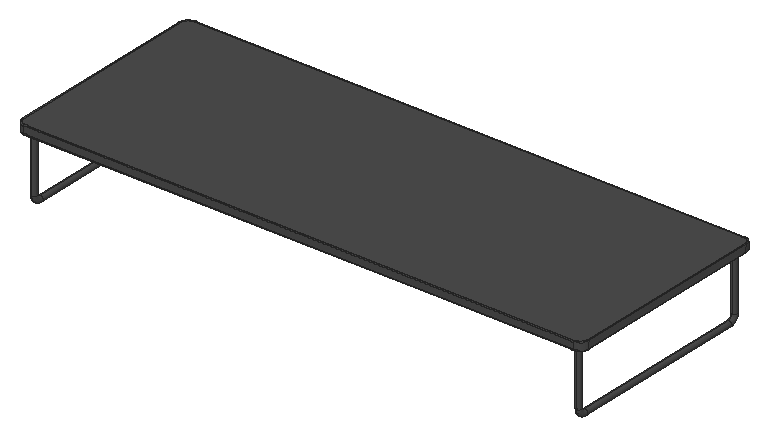
Revit family "Akt Table Triple", category Generic Models, Revit 2018
Family settings
  Can host rebar = No
  Round Connector Dimension = Use Diameter
  Part Type = Normal
  Work Plane-Based = No
  Always vertical = Yes
  Cut with Voids When Loaded = No
  Shared = No
  Room Calculation Point = No
Reference planes (in)
  plane 1 "Center (Front/Back)": y = 0
  plane 2: z = 0
  plane 3 "Center (Left/Right)": x = 0
Forms (in)
  Extrusion 1, solid, material "Akt Frame Black"
    sketch origin (-12.25, 0, 0) x (1, 0, 0) y (0, 1, 0)
      loop
        arc (-22.5, 13.75) -> (-22.71967, 14.28033) -> (-23.25, 14.5) r 0.75
        line (-23.25, 14.5) -> (-25.75, 14.5)
        arc (-25.75, 14.5) -> (-26.28033, 14.28033) -> (-26.5, 13.75) r 0.75
        line (-26.5, 13.75) -> (-26.5, -13.75)
        arc (-26.5, -13.75) -> (-26.28033, -14.28033) -> (-25.75, -14.5) r 0.75
        line (-25.75, -14.5) -> (-23.25, -14.5)
        arc (-23.25, -14.5) -> (-22.71967, -14.28033) -> (-22.5, -13.75) r 0.75
        line (-22.5, -13.75) -> (-22.5, 13.75)
    from 9.05316 to 9.17127
  Sweep 2, solid, material "Akt Frame Black"
    path origin (0, 0, 0) x (0, 1, 0) y (0, 0, 1)
      loop
        line (13.12534, 9.05316) -> (13.12534, 1.3759)
        arc (13.12534, 1.3759) -> (12.94201, 0.93332) -> (12.49944, 0.75) r 0.6259
        line (12.49944, 0.75) -> (-12.49944, 0.75)
        arc (-12.49944, 0.75) -> (-12.94201, 0.93332) -> (-13.12534, 1.3759) r 0.6259
        line (-13.12534, 1.3759) -> (-13.12534, 9.05316)
    profile origin (0, 13.12534, 5.21453) x (1, 0, 0) y (0, 1, 0)
      loop
        circle (-37.75, 0.375) r 0.375
  Extrusion 3, solid, material "Akt Frame Black"
    sketch origin (12.25, 0, 0) x (-1, 0, 0) y (0, -1, 0)
      loop
        line (-22.5, -13.75) -> (-22.5, 13.75)
        arc (-22.5, 13.75) -> (-22.71967, 14.28033) -> (-23.25, 14.5) r 0.75
        line (-23.25, 14.5) -> (-25.75, 14.5)
        arc (-25.75, 14.5) -> (-26.28033, 14.28033) -> (-26.5, 13.75) r 0.75
        line (-26.5, 13.75) -> (-26.5, -13.75)
        arc (-26.5, -13.75) -> (-26.28033, -14.28033) -> (-25.75, -14.5) r 0.75
        line (-25.75, -14.5) -> (-23.25, -14.5)
        arc (-23.25, -14.5) -> (-22.71967, -14.28033) -> (-22.5, -13.75) r 0.75
    from 9.05316 to 9.17127
  Sweep 4, solid, material "Akt Frame Black"
    path origin (24.5, 0, 0) x (0, 1, 0) y (0, 0, -1)
      loop
        line (13.12534, -9.05316) -> (13.12534, -1.3759)
        arc (13.12534, -1.3759) -> (12.94201, -0.93332) -> (12.49944, -0.75) r 0.6259
        line (12.49944, -0.75) -> (-12.49944, -0.75)
        arc (-12.49944, -0.75) -> (-12.94201, -0.93332) -> (-13.12534, -1.3759) r 0.6259
        line (-13.12534, -1.3759) -> (-13.12534, -9.05316)
    profile origin (24.5, 13.12534, 5.21453) x (-1, 0, 0) y (0, -1, 0)
      loop
        circle (-13.25, -0.375) r 0.375
  Extrusion 5, solid, material "Akt Frame Black"
    sketch origin (0, 0, 0) x (1, 0, 0) y (0, 1, 0)
      loop
        line (38.125, 14.63189) -> (-38.125, 14.63189)
        arc (-38.125, 14.63189) -> (-38.83698, 14.33698) -> (-39.13189, 13.625) r 1.00689
        line (-39.13189, 13.625) -> (-39.13189, -13.625)
        arc (-39.13189, -13.625) -> (-38.83698, -14.33698) -> (-38.125, -14.63189) r 1.00689
        line (-38.125, -14.63189) -> (38.125, -14.63189)
        arc (38.125, -14.63189) -> (38.83698, -14.33698) -> (39.13189, -13.625) r 1.00689
        line (39.13189, -13.625) -> (39.13189, 13.625)
        arc (39.13189, 13.625) -> (38.83698, 14.33698) -> (38.125, 14.63189) r 1.00689
    from 9.17127 to 10.37127
  Sweep 6, solid, material "Akt Frame Black"
    path origin (0, 0, 0) x (1, 0, 0) y (0, 1, 0)
      loop
        line (38.125, 14.63189) -> (-38.125, 14.63189)
        arc (-38.125, 14.63189) -> (-38.83698, 14.33698) -> (-39.13189, 13.625) r 1.00689
        line (-39.13189, 13.625) -> (-39.13189, -13.625)
        arc (-39.13189, -13.625) -> (-38.83698, -14.33698) -> (-38.125, -14.63189) r 1.00689
        line (-38.125, -14.63189) -> (38.125, -14.63189)
        arc (38.125, -14.63189) -> (38.83698, -14.33698) -> (39.13189, -13.625) r 1.00689
        line (39.13189, -13.625) -> (39.13189, 13.625)
        arc (39.13189, 13.625) -> (38.83698, 14.33698) -> (38.125, 14.63189) r 1.00689
    profile origin (0, 14.63189, 0) x (0, -1, 0) y (0, 0, 1)
      loop
        line (0, 9.17127) -> (0, 10.37127)
        arc (0, 10.37127) -> (-0.08352, 10.33668) -> (-0.11811, 10.25316) r 0.11811
        line (-0.11811, 10.25316) -> (-0.11811, 9.28938)
        arc (-0.11811, 9.28938) -> (-0.08352, 9.20587) -> (0, 9.17127) r 0.11811
Dimensions and locks (in)
  aligned and locked: plane 2 to level
